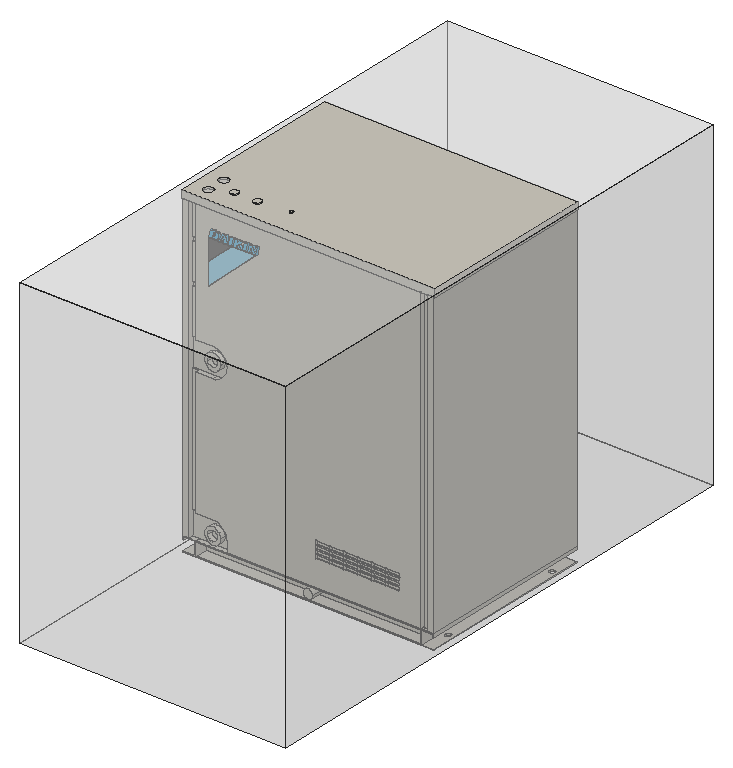
Revit family "outputfile", category 機械設備, Revit 2024
Family settings
  丸型コネクタ寸法 = 半径を使用
  種別 = なし
  パーツ タイプ = 標準
  OmniClass 番号 = 23.75.10.24.21.27.27
  OmniClass タイトル = Split System Air Conditioning Units
  作業面ベース = いいえ
  常に垂直 = はい
  ロード時にボイドで切り取り = いいえ
  注釈の向きを維持 = いいえ
  共有 = いいえ
  部屋計算ポイント = いいえ
Parameters (values of type "RWEYQ10TY14")
  製造元 = "Daikin"
  書き出し IFC クラス(タイプ) = "IfcUnitaryEquipmentType"
  定義済み IFC タイプ(タイプ) = "AIRCONDITIONINGUNIT"
  モデル = "RWEYQ10TY14"
  switch_unit1_6-8 = no
  switch_unit1_12 = no
  switch_unit1_10 = yes
  r_Water Outlet Pipe Connection_unit = Water Outlet Pipe Connection_Unit1 / 2  # 15.9 mm
  r_Water Inlet Pipe Connection_unit = Water Inlet Pipe Connection_Unit1 / 2  # 15.9 mm
  r_Drain Pipe Size = Drain Pipe Size / 2  # 6.35 mm
  lw_Water Outlet = 95.0 mm
  lw_Water Inlet = 95.0 mm
  lw_Drain = 390.0 mm
  angle_Drain [instance] = if(Rear Connection_Drain, 180.00°, 0.00°)  # 0.00°
  r_HP/LP Gas Pipe Size [instance] = [HP/LP Gas Pipe Size_Unit 1] / 2  # 11.1 mm
  lw_HP/LP Gas Pipe [instance] = if(Heat Pump, 178.0 mm, 107.0 mm)  # 178.0 mm
  ld_HP/LP Gas Pipe = 69.0 mm
  h_mountinghole = [h_***] + 2.3 mm  # 2.3 mm
  r_Liquid Pipe Size = Liquid Pipe Size_Unit 1 / 2  # 4.75 mm
  r_Gas Pipe Size = Gas Pipe Size_Unit 1 / 2  # 11.1 mm
  Water Outlet Pipe Connection_Unit1 = 31.8 mm
  Water Inlet Pipe Connection_Unit1 = 31.8 mm
  Voltage_comment_50Hz = "380-415"
  Voltage_50Hz = 400 V
  Top Connection_powersupply2 [instance] = not(Top Connection_powersupply1)  # no
  Sound Power Level (dB) = 71
  Rear Connection_Drain [instance] = not(Front Connection_Drain)  # no
  Power Input (Heating) = 5.600 kW
  Phase_50Hz = 3
  Nominal Heating Capacity = 31.500 kW
  Minimum Circuit Amps_50Hz = 13.6 A
  Maximum Fuse Amps_50Hz = 15.0 A
  Material_Heat Exchanger = DAIKIN_Blue_HE_outdoorunit
  Material_Casing = DAIKIN_IvoryWhite_Casing_outdoorunit
  lw_powersupply = 51.0 mm
  lw_liquidpipe = 274.0 mm
  lw_gaspipe [instance] = if(Heat Pump, 107.0 mm, 178.0 mm)  # 107.0 mm
  lh_powersupply = 940.0 mm
  ld_powersupply [instance] = if(Top Connection_powersupply1, 38.0 mm, 98.0 mm)  # 38.0 mm
  ld_liquidpipe = 79.0 mm
  ld_gaspipe = 69.0 mm
  h_*** = 0.0 mm
  Width = 780.0 mm
  Version = "ver.1.0"
  Unit Type = ""
  Unit Mass Weight = 147.00 kg
  Unit Designation [instance] = ""
  Uniclass2015Version = "Products v1.30"
  Uniclass2015Title = "Variable refrigerant flow units"
  Uniclass2015Code = "Pr_70_65_03_94"
  Total Cooling Capacity [instance] = 0.000 kW
  Sound Pressure Level (dBA) = 51
  Series = "VRV Heat Recovery"
  Refrigerant_Base Charge = 4.200 kg
  Refrigerant_Additional Charge [instance] = 0.000 kg
  Refrigerant Type = "R410A"
  Power Input (Cooling) = 5.430 kW
  Option Accessory 3 [instance] = ""
  Option Accessory 2 [instance] = ""
  Option Accessory 1 [instance] = ""
  Nominal Cooling Capacity = 28.000 kW
  Load Classification = HVAC
  Liquid Pipe Size_Unit 1 = 9.5 mm
  Link_Nested Family [instance] = ""
  IfcVersion = ""
  IfcExportType = "AIRCONDITIONINGUNIT"
  IfcExportAs = "IfcUnitaryEquipmentType"
  Height = 1000.0 mm
  Heat Recovery [instance] = not(Heat Pump)  # no
  Heat Pump [instance] = yes
  Heat Exchanger Type = "Stainless Steel Plate"
  HP/LP Gas Pipe Size_Unit 1 [instance] = if(and(Heat Pump, [switch_unit1_6-8]), 19.1 mm, if(and(Heat Pump, switch_unit1_10), 22.2 mm, if(and(Heat Pump, switch_unit1_12), 22.2 mm, if(and(Heat Recovery, [switch_unit1_6-8]), 15.9 mm, if(and(Heat Recovery, switch_unit1_10), 19.1 mm, if(and(Heat Recovery, switch_unit1_12), 19.1 mm, 19.1 mm))))))  # 22.2 mm
  Gas Pipe Size_Unit 1 = 22.2 mm
  Top Connection_powersupply1 [instance] = yes
  Front Connection_Drain [instance] = yes
  Frequency_50Hz = 50 Hz
  Drain Pipe Size = 12.7 mm
  Depth = 550.0 mm
  既定の高さ = 0.0 mm
  Cooling Ambient Wet Bulb Temperature [instance] = 0.00 °C
  Cooling Ambient Dry Bulb Temperature [instance] = 0.00 °C
  Compressor Type = "Hermetically Sealed Scroll Type"
  Clearance visibility [instance] = yes
  Clearance Top = 0.0 mm
  Clearance Right = 20.0 mm
  Clearance Rear = 500.0 mm
  Clearance Left = 20.0 mm
  Clearance Front = 600.0 mm
  Clearance Bottom = 0.0 mm
  CU Tag No. [instance] = ""
Reference planes
  plane 1 "Center (Front/Back)": y = 0
  plane 2 "h_***": z = 0
  plane 3 "Center (Left/Right)": x = 0
  plane 4 "Back": y = 275
  plane 5 "Front": y = -275
  plane 6 "Left": x = -390
  plane 7 "Right": x = 390
  plane 8 "Top": z = 1000
  plane 9 "Clearance Rear": y = 775
  plane 10 "Clearance Front": y = -875
  plane 11 "Clearance Left": x = -410
  plane 12 "Clearance Right": x = 410
  plane 13 "Clearance Top": z = 1000
  plane 14 "Clearance Bottom": z = 0
  plane 15 "Bottom": z = 0
  plane 16 "lw_powersupply": x = -339
  plane 17 "ld_powersupply": y = -237
  plane 18 "lw_liquidpipe": x = -116
  plane 19 "Rear Connection_refrigetant": y = -196
  plane 20 "lw_gaspipe": x = -283
  plane 21 "ld_gaspipe": y = -206
  plane 22 "lh_logo": z = 900
  plane 23 "lw_logo": x = 100
  plane 24 "lh_powersupply": z = 940
  plane 25 "lw_HP/LP Gas Pipe": x = -212
  plane 26 "ld_HP/LP Gas Pipe": y = -206
  plane 27 "lw_powersupply6": x = -295
  plane 28 "lw_powersupply7": x = -295
  plane 29 "lw_powersupply8": x = 0
Dimensions and locks
  equal spacing: plane 4 "Back", plane 1 "Center (Front/Back)", plane 5 "Front"
  "Depth": plane 4 "Back" to plane 5 "Front"
  equal spacing: plane 6 "Left", plane 3 "Center (Left/Right)", plane 7 "Right"
  "Width": plane 6 "Left" to plane 7 "Right"
  "Clearance Rear": plane 9 "Clearance Rear" to plane 4 "Back"
  "Clearance Front": plane 10 "Clearance Front" to plane 5 "Front"
  "Clearance Left": plane 11 "Clearance Left" to plane 6 "Left"
  "Clearance Right": plane 7 "Right" to plane 12 "Clearance Right"
  "Clearance Top": plane 13 "Clearance Top" to plane 8 "Top"
  "h_***": plane 15 "Bottom" to plane 2 "h_***"
  "Height": plane 8 "Top" to plane 15 "Bottom"
  "Clearance Bottom": plane 15 "Bottom" to plane 14 "Clearance Bottom"
  "ld_powersupply": plane 17 "ld_powersupply" to plane 5 "Front"
  "ld_liquidpipe": plane 19 "Rear Connection_refrigetant" to plane 5 "Front"
  "ld_gaspipe": plane 21 "ld_gaspipe" to plane 5 "Front"
  locked: plane 23 "lw_logo" to plane 7 "Right" at 290
  locked: plane 22 "lh_logo" to plane 15 "Bottom" at 900
  "lw_gaspipe": plane 6 "Left" to plane 20 "lw_gaspipe"
  "lw_liquidpipe": plane 6 "Left" to plane 18 "lw_liquidpipe"
  "lw_powersupply": plane 6 "Left" to plane 16 "lw_powersupply"
  "lh_powersupply": plane 24 "lh_powersupply" to plane 15 "Bottom"
  "lw_HP/LP Gas Pipe": plane 6 "Left" to plane 25 "lw_HP/LP Gas Pipe"
  "ld_HP/LP Gas Pipe": plane 26 "ld_HP/LP Gas Pipe" to plane 5 "Front"
  "lw_Water Inlet": plane 6 "Left" to plane 27 "lw_powersupply6"
  "lw_Water Outlet": plane 6 "Left" to plane 28 "lw_powersupply7"
  "lw_Drain": plane 6 "Left" to plane 29 "lw_powersupply8"
  aligned and locked: level to plane 2 "h_***"
  aligned and locked: plane 9 "Clearance Rear" to nested 2
  aligned and locked: nested 2 to plane 10 "Clearance Front"
  aligned and locked: plane 11 "Clearance Left" to nested 2
  aligned and locked: plane 12 "Clearance Right" to nested 2
  aligned and locked: plane 13 "Clearance Top" to nested 2
  aligned and locked: plane 14 "Clearance Bottom" to nested 2
  aligned and locked: plane 8 "Top" to nested 1
  aligned and locked: plane 22 "lh_logo" to nested 7
  aligned and locked: nested 8 to plane 16 "lw_powersupply"
  aligned and locked: nested 9 to plane 20 "lw_gaspipe"
  aligned and locked: nested 10 to plane 18 "lw_liquidpipe"
  aligned and locked: nested 10 to plane 19 "Rear Connection_refrigetant"
  aligned and locked: nested 9 to plane 21 "ld_gaspipe"
  aligned and locked: nested 8 to plane 17 "ld_powersupply"
  aligned and locked: plane 5 "Front" to nested 7
  aligned and locked: plane 24 "lh_powersupply" to nested 8
  aligned and locked: plane 1 "Center (Front/Back)" to nested 11
  aligned and locked: plane 1 "Center (Front/Back)" to nested 12
  aligned and locked: plane 1 "Center (Front/Back)" to nested 13
  aligned and locked: plane 27 "lw_powersupply6" to nested 11
  aligned and locked: plane 28 "lw_powersupply7" to nested 12
  aligned and locked: plane 29 "lw_powersupply8" to nested 13
  aligned and locked: plane 25 "lw_HP/LP Gas Pipe" to nested 14
  aligned and locked: nested 14 to plane 26 "ld_HP/LP Gas Pipe"
Nested families
  nested 1: "DAIKIN_outdoorunit_RWEYQ-TY14" at (-31, 0, 0), h_*** <- "h_***", Link_Nest <- "Link_Nested Family", h_mountinghole <- "h_mountinghole", Width <- "Width", type "RWEYQ-TY14"
    with show_fixedhole yes, h_mountinghole 2.3 mm, h_antenna_mountinghole 998.7 mm, h_*** 0.0 mm, array_bolt 5, Width 780.0 mm, Link_Nest "", switch_unit1_6-8 no, switch_unit1_10 yes, HP/LP Pipe Size_Unit 1 22.2 mm, Gas Pipe Size_Unit 1 22.2 mm
  nested 2: "daikin_clearancespace" at (0, -50, 500.119), visible <- "Clearance visibility", show <- "Clearance visibility", Link_Nested Family <- "Link_Nested Family", type "daikin_clearancespace"
    with width 820.0 mm, show yes, height 1000.0 mm, depth 1650.0 mm, Link_Nested Family ""
  nested 3: "daikin_mountinghole" at (-372, 200, 0), type "daikin_mountinghole"
    with show yes, l_antenna 998.7 mm, h_mountinghole 2.3 mm, Link_Nested Family ""
  nested 4: "daikin_mountinghole" at (372, 200, 0), type "daikin_mountinghole"
    with show yes, l_antenna 998.7 mm, h_mountinghole 2.3 mm, Link_Nested Family ""
  nested 5: "daikin_mountinghole" at (-372, -200, 0), type "daikin_mountinghole"
    with show yes, l_antenna 998.7 mm, h_mountinghole 2.3 mm, Link_Nested Family ""
  nested 6: "daikin_mountinghole" at (372, -200, 0), type "daikin_mountinghole"
    with show yes, l_antenna 998.7 mm, h_mountinghole 2.3 mm, Link_Nested Family ""
  nested 7: "daikin_logo_elevation_w150" at (-212.5, -275, 744.568), type "daikin_logo_elevation_w150"
    with show_logo yes
  nested 8: "daikin_connector_rotate3" at (-339, -237, 940) x (-1, 0, 0) z (0, 0, -1), type "daikin_connector_rotate3"
    with show no, radius 10.0 mm, length 60.0 mm, angle_vertical 0.00°, angle_horizontal 0.00°
  nested 9: "daikin_connector_rotate3" at (-283, -206, 940) x (-1, 0, 0) z (0, 0, -1), radius <- "r_Gas Pipe Size", type "daikin_connector_rotate3"
    with show no, radius 11.1 mm, length 60.0 mm, angle_vertical 0.00°, angle_horizontal 0.00°
  nested 10: "daikin_connector_rotate3" at (-116, -196, 940) x (-1, 0, 0) z (0, 0, -1), radius <- "r_Liquid Pipe Size", type "daikin_connector_rotate3"
    with show no, radius 4.75 mm, length 60.0 mm, angle_vertical 0.00°, angle_horizontal 0.00°
  nested 11: "daikin_connector_rotate3" at (-295, 0, 76), radius <- "r_Water Inlet Pipe Connection_unit", type "daikin_connector_rotate3"
    with show no, radius 15.9 mm, length 275.0 mm, angle_vertical 90.00°, angle_horizontal 0.00°
  nested 12: "daikin_connector_rotate3" at (-295, 0, 556), radius <- "r_Water Outlet Pipe Connection_unit", type "daikin_connector_rotate3"
    with show no, radius 15.9 mm, length 275.0 mm, angle_vertical 90.00°, angle_horizontal 0.00°
  nested 13: "daikin_connector_rotate3" at (0, 0, 19), angle_horizontal <- "angle_Drain", radius <- "r_Drain Pipe Size", type "daikin_connector_rotate3"
    with show no, radius 6.35 mm, length 275.0 mm, angle_vertical 90.00°, angle_horizontal 0.00°
  nested 14: "daikin_connector_rotate3" at (-212, -206, 940) x (1, 0, 0) z (0, 0, -1), radius <- "r_HP/LP Gas Pipe Size", type "daikin_connector_rotate3"
    with show no, radius 11.1 mm, length 60.0 mm, angle_vertical 0.00°, angle_horizontal 0.00°
Connectors
  piping at (-116, -196, 1000), diameter 9.5, driven by "r_Liquid Pipe Size"
    settings: on nested 10, index 12, connector inside diameter 609.6 mm, connector length 0.0 mm, flow factor 0, pipe flow 0.00 m³/h, pressure drop 0.0 Pa, fitting loss kfactor 0, connector angle 0.00°, fixture units 0, engagement length 0.0 mm, angle of deflection 0.00°, flow configuration 0, flow direction 2, fitting loss method 0, system type 29, joint type 0, gender type 0, connector reference index -1, connector utility 0, adjustable connector no, is connector primary no, connector description "Refrigerant Liquid Piping"
  electrical at (-339, -237, 1000), driven by "Load Classification"
    settings: on nested 8, index 13, voltage 0 V, apparent load 0 VA, apparent load phase1 0 VA, apparent load phase2 0 VA, apparent load phase3 0 VA, power factor 1, load classification "HVAC", number of poles 1, system type 30, power factor state 1, is connector primary yes, connector utility no, sub classification motor no, connector description "Power Supply"
  piping at (-295, -275, 556), diameter 31.8, driven by "r_Water Outlet Pipe Connection_unit"
    settings: on nested 12, index 15, connector inside diameter 609.6 mm, connector length 0.0 mm, flow factor 0, pipe flow 0.00 m³/h, pressure drop 0.0 Pa, fitting loss kfactor 0, connector angle 0.00°, fixture units 0, engagement length 0.0 mm, angle of deflection 0.00°, flow configuration 1, flow direction 2, fitting loss method 0, system type 8, joint type 0, gender type 0, connector reference index -1, connector utility 0, adjustable connector no, is connector primary no, connector description "Cooling Water Outlet Piping"
  piping at (-295, -275, 76), diameter 31.8, driven by "r_Water Inlet Pipe Connection_unit"
    settings: on nested 11, index 16, connector inside diameter 609.6 mm, connector length 0.0 mm, flow factor 0, pipe flow 0.00 m³/h, pressure drop 0.0 Pa, fitting loss kfactor 0, connector angle 0.00°, fixture units 0, engagement length 0.0 mm, angle of deflection 0.00°, flow configuration 1, flow direction 1, fitting loss method 0, system type 7, joint type 0, gender type 0, connector reference index -1, connector utility 0, adjustable connector no, is connector primary no, connector description "Cooling Water Inlet  Piping"
  piping at (0, -275, 19), diameter 12.7, driven by "r_Drain Pipe Size"
    settings: on nested 13, index 17, connector inside diameter 609.6 mm, connector length 0.0 mm, flow factor 0, pipe flow 0.00 m³/h, pressure drop 0.0 Pa, fitting loss kfactor 0, connector angle 0.00°, fixture units 0, engagement length 0.0 mm, angle of deflection 0.00°, flow configuration 1, flow direction 2, fitting loss method 4, system type 16, joint type 0, gender type 0, connector reference index -1, connector utility 0, adjustable connector no, is connector primary no, connector description "Condensate Drain Piping"
  piping at (-212, -206, 1000), diameter 22.2, driven by "r_HP/LP Gas Pipe Size"
    settings: on nested 14, index 19, connector inside diameter 609.6 mm, connector length 0.0 mm, flow factor 0, pipe flow 0.00 m³/h, pressure drop 0.0 Pa, fitting loss kfactor 0, connector angle 0.00°, fixture units 0, engagement length 0.0 mm, angle of deflection 0.00°, flow configuration 0, flow direction 0, fitting loss method 0, system type 29, joint type 0, gender type 0, connector reference index -1, connector utility 0, adjustable connector no, is connector primary no, connector description "Refrigerant HP/LP Gas Piping"
  piping at (-283, -206, 1000), diameter 22.2, driven by "r_Gas Pipe Size"
    settings: on nested 9, index 20, connector inside diameter 609.6 mm, connector length 0.0 mm, flow factor 0, pipe flow 0.00 m³/h, pressure drop 0.0 Pa, fitting loss kfactor 0, connector angle 0.00°, fixture units 0, engagement length 0.0 mm, angle of deflection 0.00°, flow configuration 0, flow direction 1, fitting loss method 0, system type 29, joint type 0, gender type 0, connector reference index -1, connector utility 0, adjustable connector no, is connector primary yes, connector description "Refrigerant Gas Piping"
Definition of nested family "DAIKIN_outdoorunit_RWEYQ-TY14"
  Parameters (values of type "RWEYQ-TY14")
    w_wiremesh_right = 668.0 mm  # constant formula
    w_wiremesh_left = 590.0 mm  # constant formula
    w_wiremesh_front = 248.0 mm  # constant formula
    switch_unit1_6-8 = yes
    switch_unit1_12 = no
    switch_unit1_10 = no
    show_fixedhole [instance] = yes
    material_heatexchanger = none
    material_casing = none
    ld_hole1_bottom = 154.0 mm  # constant formula
    h_wiremesh = 900.0 mm  # constant formula
    h_mountinghole [instance] = 2.3 mm
    h_antenna_mountinghole [instance] = Height + 1.0 mm - 2.3 mm  # 998.7 mm
    h_*** [instance] = 0.0 mm
    array_bolt [instance] = 5
    Width [instance] = 780.0 mm
    Liquid Pipe Size_Unit 1 = if([switch_unit1_6-8], 9.5 mm, if(switch_unit1_10, 9.5 mm, if(switch_unit1_12, 12.7 mm, 9.5 mm)))  # 9.5 mm
    Link_Nest [instance] = ""
    Height = 1000.0 mm
    Heat Recovery = not(Heat Pump)  # no
    Heat Pump = yes
    HP/LP Pipe Size_Unit 1_L = if(Heat Pump, 178.0 mm, 107.0 mm)  # 178.0 mm
    HP/LP Pipe Size_Unit 1 = if(Heat Recovery, if([switch_unit1_6-8], 15.9 mm, if(switch_unit1_10, 19.1 mm, if(switch_unit1_12, 19.1 mm, 15.9 mm))), if([switch_unit1_6-8], 19.1 mm, if(switch_unit1_10, 22.2 mm, if(switch_unit1_12, 22.2 mm, 19.1 mm))))  # 19.1 mm
    Gas Pipe Size_Unit 1_L = if(Heat Pump, 107.0 mm, 178.0 mm)  # 107.0 mm
    Gas Pipe Size_Unit 1_H = 60.0 mm  # constant formula
    Gas Pipe Size_Unit 1 = if([switch_unit1_6-8], 19.1 mm, if(switch_unit1_10, 22.2 mm, if(switch_unit1_12, 22.2 mm, 19.1 mm)))  # 19.1 mm
    Depth = 550.0 mm
    Default Elevation = 0.0 mm
  Reference planes
    plane 1 "Center (Front/Back)": y = 0
    plane 2 "reference_level": z = 0
    plane 3 "Center (Left/Right)": x = 31
    plane 4 "Bottom": z = 0
    plane 5: x = 421
    plane 6: x = -359
    plane 7 "Back": y = 275
    plane 8 "Front": y = -275
    plane 9: z = 1000
    plane 10: z = 976
    plane 11: y = -255
    plane 12: y = 255
    plane 13: x = -337
    plane 14: x = 399
    plane 15: x = -341
    plane 16: z = 45
    plane 17: x = 403
    plane 18: y = 200
    plane 19: y = -200
    plane 20: z = 1060
    plane 21: z = 19
    plane 22: z = 1000
    plane 23: z = 940
  Forms (mm)
    Extrusion 1, solid, material <- "material_heatexchanger"
      sketch origin (0, 0, 0) x (1, 0, 0) y (0, 1, 0)
        loop
          line (-337, 255) -> (-337, -255) -> (399, -255) -> (399, 255) -> (-337, 255)
      from 54 to 976
    Extrusion 2, void
      sketch origin (0, 350, 0) x (1, 0, 0) y (0, 1, 0)
        loop
          circle (-341, -150) r 8.5
        loop
          circle (403, -150) r 8.5
        loop
          circle (403, -550) r 8.5
        loop
          circle (-341, -550) r 8.5
      from 0 to 29.064
    Extrusion 3, solid, material <- "material_casing"
      sketch origin (620, -305, 0) x (-1, 0, 0) y (0, 0, 1)
        loop
          line (204.3, 35.061) -> (204.3, 42.7) -> (239.7, 42.7) -> (239.7, 2.3) -> (201, 2.3) -> (201, 0) -> (242, 0) -> (242, 45) -> (201, 45) -> (201, 35.061) -> (204.3, 35.061)
        loop
          line (973.7, 35.061) -> (977, 35.061) -> (977, 45) -> (936, 45) -> (936, 0) -> (977, 0) -> (977, 2.3) -> (938.3, 2.3) -> (938.3, 42.7) -> (973.7, 42.7) -> (973.7, 35.061)
      from 30 to 580
    Extrusion 4, solid, material <- "material_casing"
      sketch origin (31, 0, 0) x (0, 1, 0) y (0, 0, 1)
        loop
          line (-275, 45) -> (-275, 42.7) -> (-236.3, 42.7) -> (-236.3, 2.3) -> (-275, 2.3) -> (-275, 0) -> (-234, 0) -> (-234, 45) -> (-275, 45)
        loop
          line (275, 45) -> (234, 45) -> (234, 0) -> (275, 0) -> (275, 2.3) -> (236.3, 2.3) -> (236.3, 42.7) -> (275, 42.7) -> (275, 45)
      from -347 to 347
    Extrusion 5, solid, material <- "material_casing"
      sketch origin (0, 0, 0) x (1, 0, 0) y (0, 1, 0)
        loop
          circle (-85, -196) r 4.75
        loop
          circle (-181, -206) r 9.55
      from 940 to 1000
    Extrusion 6, solid, material <- "material_casing"
      sketch origin (-663.497, -190, 1200) x (-1, 0, 0) y (0, 0, 1)
        loop
          circle (-694.497, -1181) r 14
      from -85 to -46.3
    Extrusion 7, solid, material <- "material_casing"
      sketch origin (-663.497, 321.3, 1200) x (-1, 0, 0) y (0, 0, 1)
        loop
          circle (-694.497, -1181) r 14
      from -85 to -46.3
    Extrusion 8, solid, material <- "material_casing"
      sketch origin (0, -500, 0) x (1, 0, 0) y (0, 1, 0)
        loop
          circle (-252, 294) r 9.55
      from 940 to 1000
  Cuts and joins
    Extrusion 2 cuts Extrusion 3
  Dimensions and locks
    equal spacing: plane 6, plane 3 "Center (Left/Right)", plane 5
    "Width": plane 6 to plane 5
    locked: plane 9 to plane 10 at 24
    "Depth": plane 8 "Front" to plane 7 "Back"
    equal spacing: plane 7 "Back", plane 1 "Center (Front/Back)", plane 8 "Front"
    locked: plane 12 to plane 7 "Back" at 20
    locked: plane 11 to plane 8 "Front" at 20
    locked: plane 6 to plane 13 at 22
    locked: plane 14 to plane 5 at 22
    locked: plane 6 to plane 15 at 18
    "h_***": plane 4 "Bottom" to plane 2 "reference_level"
    locked: plane 16 to plane 4 "Bottom" at 45
    "Height": plane 9 to plane 4 "Bottom"
    locked: plane 5 to Extrusion 3 sketch curve at 2  (x2)
    locked: Extrusion 3 sketch curve to Extrusion 3 sketch curve at 41  (x2)
    locked: Extrusion 3 sketch curve to Extrusion 3 sketch curve at 3.3  (x2)
    locked: Extrusion 3 sketch curve to plane 6 at 2  (x2)
    locked: plane 8 "Front" to Extrusion 4 sketch curve at 41
    locked: Extrusion 4 sketch curve to plane 7 "Back" at 41
    locked: plane 17 to plane 5 at 18
    plane 19 to plane 8 "Front" = 75.0 mm
    locked: plane 18 to plane 7 "Back" at 75
    locked: Extrusion 5 sketch curve to plane 8 "Front" at 79
    locked: plane 6 to Extrusion 5 sketch curve at 274
    "HP/LP Pipe Size_Unit 1_L": plane 6 to Extrusion 5 sketch curve
    locked: Extrusion 5 sketch curve to plane 8 "Front" at 69
    locked: plane 20 to plane 9 at 60
    locked: plane 21 to plane 4 "Bottom" at 19
    "Gas Pipe Size_Unit 1_L": plane 6 to Extrusion 8 sketch curve
    locked: Extrusion 8 sketch curve to plane 8 "Front" at 69
    "Gas Pipe Size_Unit 1_H": plane 20 to plane 22
    plane 22 to plane 23 = 60.0 mm
    "HP/LP Pipe Size_Unit 1": diameter of Extrusion 5 sketch curve
    "Liquid Pipe Size_Unit 1": diameter of Extrusion 5 sketch curve
    "Gas Pipe Size_Unit 1": diameter of Extrusion 8 sketch curve
    aligned and locked: level to plane 2 "reference_level"
    aligned and locked: plane 12 to Extrusion 1 sketch curve
    aligned and locked: plane 11 to Extrusion 1 sketch curve
    aligned and locked: plane 13 to Extrusion 1 sketch curve
    aligned and locked: plane 14 to Extrusion 1 sketch curve
    aligned and locked: plane 10 to Extrusion 1
    aligned and locked: plane 11 to nested 1
    aligned and locked: plane 10 to nested 4
    aligned and locked: nested 5 to plane 9
    aligned and locked: plane 10 to nested 3
    aligned and locked: plane 10 to nested 2
    aligned and locked: plane 13 to nested 4
    aligned and locked: plane 14 to nested 2
    aligned and locked: plane 12 to nested 3
    aligned and locked: plane 15 to nested 7
    aligned and locked: plane 15 to nested 9
    aligned and locked: plane 8 "Front" to nested 5
    aligned and locked: plane 6 to nested 5
    aligned and locked: plane 10 to nested 1
    aligned and locked: plane 13 to nested 1
    aligned and locked: nested 2 to plane 1 "Center (Front/Back)"
    aligned and locked: nested 3 to plane 3 "Center (Left/Right)"
    aligned and locked: plane 1 "Center (Front/Back)" to nested 4
    aligned and locked: nested 6 to plane 3 "Center (Left/Right)"
    aligned and locked: plane 1 "Center (Front/Back)" to nested 6
    aligned and locked: plane 16 to Extrusion 3 sketch curve
    aligned and locked: Extrusion 3 sketch curve to plane 4 "Bottom"
    aligned and locked: Extrusion 3 sketch curve to plane 16
    aligned and locked: plane 4 "Bottom" to Extrusion 3 sketch curve
    aligned and locked: Extrusion 3 to plane 7 "Back"
    aligned and locked: Extrusion 3 to plane 8 "Front"
    aligned and locked: plane 8 "Front" to Extrusion 4 sketch curve  (x2)
    aligned and locked: plane 4 "Bottom" to Extrusion 4 sketch curve
    aligned and locked: Extrusion 4 sketch curve to plane 16
    aligned and locked: Extrusion 4 sketch curve to plane 7 "Back"  (x2)
    aligned and locked: plane 18 to Extrusion 2 sketch curve  (x2)
    aligned and locked: plane 15 to Extrusion 2 sketch curve  (x2)
    aligned and locked: plane 17 to Extrusion 2 sketch curve  (x2)
    aligned and locked: plane 17 to nested 8
    aligned and locked: plane 18 to nested 8
    aligned and locked: plane 18 to nested 7
    aligned and locked: nested 7 to plane 15
    aligned and locked: nested 9 to plane 19
    aligned and locked: nested 9 to plane 15
    aligned and locked: nested 10 to plane 19
    aligned and locked: plane 17 to nested 10
    aligned and locked: plane 19 to Extrusion 2 sketch curve  (x2)
    aligned and locked: plane 21 to Extrusion 6 sketch curve
    aligned and locked: plane 3 "Center (Left/Right)" to Extrusion 6 sketch curve
    aligned and locked: plane 22 to Extrusion 8
    aligned and locked: Extrusion 8 to plane 23
    aligned and locked: Extrusion 5 to plane 23
    aligned and locked: Extrusion 5 to plane 22
  Automatic sketch dimensions
    Extrusion 3 sketch curve to Extrusion 3 sketch curve = 2.3 mm  (x2)
    level to Extrusion 3 sketch curve = 2.3 mm  (x2)
    Extrusion 3 sketch curve to plane 16 = 9.939 mm  (x2)
    Extrusion 3 sketch curve to plane 16 = 2.3 mm  (x2)
    Extrusion 4 sketch curve to level = 0.0 mm
    Extrusion 4 sketch curve to plane 16 = 0.0 mm
    Extrusion 4 sketch curve to Extrusion 4 sketch curve = 2.3 mm  (x2)
    level to Extrusion 4 sketch curve = 2.3 mm  (x2)
    Extrusion 4 sketch curve to plane 16 = 2.3 mm  (x2)
    Extrusion 7 sketch curve to plane 3 "Center (Left/Right)" = 0.0 mm
    Extrusion 7 sketch curve to plane 21 = 0.0 mm
    radius of Extrusion 2 sketch curve = 8.5 mm  (x4)
    radius of Extrusion 6 sketch curve = 14.0 mm
    radius of Extrusion 7 sketch curve = 14.0 mm
  Nested families
    nested 1: "outdoorunit_frontpanel" at (-337, -265, 45), material <- "material_casing", type "frontpanel1"
      with material none
    nested 2: "outdoorunit_rightpanel1" at (409, -275, 45) x (0, 1, 0) z (0, 0, 1), material <- "material_casing", type "frontpanel1"
      with material none
    nested 3: "outdoorunit_backpanel" at (399, 265, 45) x (-1, 0, 0) z (0, 0, 1), material <- "material_casing", type "frontpanel1"
      with material none
    nested 4: "outdoorunit_leftpanel" at (-347, 275, 45) x (0, -1, 0) z (0, 0, 1), material <- "material_casing", type "frontpanel1"
      with material none
    nested 5: "outdoorunit_uppanel" at (-359, -275, 988) x (1, 0, 0) z (0, 1, 0), material <- "material_casing", type "frontpanel1"
      with material none
    nested 6: "outdoorunit_downpanel" at (399, 255, 56) x (-1, 0, 0) z (0, -1, 0), material <- "material_casing", type "frontpanel1"
      with material none
    nested 7: "daikin_mountinghole" at (-341, 200, 0), visible <- "show_fixedhole", Link_Nested Family <- "Link_Nest", l_antenna <- "h_antenna_mountinghole", h_mountinghole <- "h_mountinghole", type "daikin_mountinghole"
      with show yes, l_antenna 998.7 mm, h_mountinghole 2.3 mm, Link_Nested Family ""
    nested 8: "daikin_mountinghole" at (403, 200, 0), visible <- "show_fixedhole", Link_Nested Family <- "Link_Nest", l_antenna <- "h_antenna_mountinghole", h_mountinghole <- "h_mountinghole", type "daikin_mountinghole"
      with show yes, l_antenna 998.7 mm, h_mountinghole 2.3 mm, Link_Nested Family ""
    nested 9: "daikin_mountinghole" at (-341, -200, 0), visible <- "show_fixedhole", Link_Nested Family <- "Link_Nest", l_antenna <- "h_antenna_mountinghole", h_mountinghole <- "h_mountinghole", type "daikin_mountinghole"
      with show yes, l_antenna 998.7 mm, h_mountinghole 2.3 mm, Link_Nested Family ""
    nested 10: "daikin_mountinghole" at (403, -200, 0), visible <- "show_fixedhole", Link_Nested Family <- "Link_Nest", l_antenna <- "h_antenna_mountinghole", h_mountinghole <- "h_mountinghole", type "daikin_mountinghole"
      with show yes, l_antenna 998.7 mm, h_mountinghole 2.3 mm, Link_Nested Family ""
  Definition of nested family "outdoorunit_frontpanel"
    Parameters (values of type "frontpanel1")
      width = 736.0 mm
      material [instance] = none
      height1 = 931.0 mm
      depth = 20.0 mm
      Default Elevation = 0.0 mm
    Reference planes
      plane 1 "Center (Front/Back)": y = 0
      plane 2 "Bottom": z = 0
      plane 3: x = 0
      plane 4 "Back": y = 10
      plane 5 "Front": y = -10
      plane 6: x = 736
      plane 7 "Top": z = 931
      plane 8 "Left": x = 0
      plane 9 "Center L/S": y = 5
      plane 10 "Center L/T": y = -5
    Forms (mm)
      Extrusion 1, solid, material <- "material"
        sketch origin (0, 0, 0) x (1, 0, 0) y (0, 1, 0)
          loop
            line (0, 10) -> (0, -10) -> (736, -10) -> (736, 10) -> (0, 10)
        from 0 to 931
      Extrusion 2, void
        sketch origin (0, 0, 0) x (1, 0, 0) y (0, 0, 1)
          loop
            line (0, 931) -> (0, 0) -> (21, 0) -> (21, 931) -> (0, 931)
          loop
            line (736, 931) -> (715, 931) -> (715, 0) -> (736, 0) -> (736, 931)
        from 0 to 250
      Extrusion 3, void
        sketch origin (0, 0, 0) x (1, 0, 0) y (0, 0, 1)
          loop
            line (2, 931) -> (-33, 931) -> (-33, -14) -> (118, -14) -> (118, 31)
            arc (118, 31) -> (104.82, 62.82) -> (73, 76) r 45
            line (73, 76) -> (2, 76) -> (2, 466) -> (73, 466)
            arc (73, 466) -> (118, 511) -> (73, 556) r 45
            line (73, 556) -> (2, 556) -> (2, 692) -> (10.5, 692)
            arc (10.5, 692) -> (18, 699.5) -> (10.5, 707) r 7.5
            line (10.5, 707) -> (2, 707) -> (2, 817) -> (10.5, 817)
            arc (10.5, 817) -> (18, 824.5) -> (10.5, 832) r 7.5
            line (10.5, 832) -> (2, 832) -> (2, 931)
        from -5 to 250
      Extrusion 4, void
        sketch origin (0, 0, 0) x (1, 0, 0) y (0, 0, 1)
          loop
            line (734, 931) -> (734, 0) -> (972.161, 0) -> (972.161, 931) -> (734, 931)
        from -5 to 250
      Extrusion 5, solid, material <- "material"
        sketch origin (0, 0, 0) x (1, 0, 0) y (0, 0, 1)
          loop
            circle (73, 511) r 25
          loop
            circle (73, 511) r 15.5
          loop
            circle (73, 31) r 25
          loop
            circle (73, 31) r 15.5
        from -5 to 10
      Extrusion 6, void
        sketch origin (0, 0, 0) x (1, 0, 0) y (0, 0, 1)
          loop
            line (390.8, 131) -> (390.8, 118.75) -> (433.5, 118.75) -> (433.5, 131) -> (390.8, 131)
          loop
            line (390.8, 80) -> (433.5, 80) -> (433.5, 92.25) -> (390.8, 92.25) -> (390.8, 80)
          loop
            line (390.8, 117.75) -> (390.8, 106) -> (433.5, 106) -> (433.5, 117.75) -> (390.8, 117.75)
          loop
            line (390.8, 105) -> (390.8, 93.25) -> (433.5, 93.25) -> (433.5, 105) -> (390.8, 105)
          loop
            line (476.7, 131) -> (434.5, 131) -> (434.5, 118.75) -> (476.7, 118.75) -> (476.7, 131)
          loop
            line (434.5, 80) -> (476.7, 80) -> (476.7, 92.25) -> (434.5, 92.25) -> (434.5, 80)
          loop
            line (434.5, 117.75) -> (434.5, 106) -> (476.7, 106) -> (476.7, 117.75) -> (434.5, 117.75)
          loop
            line (434.5, 105) -> (434.5, 93.25) -> (476.7, 93.25) -> (476.7, 105) -> (434.5, 105)
          loop
            line (519.9, 131) -> (477.7, 131) -> (477.7, 118.75) -> (519.9, 118.75) -> (519.9, 131)
          loop
            line (477.7, 80) -> (519.9, 80) -> (519.9, 92.25) -> (477.7, 92.25) -> (477.7, 80)
          loop
            line (477.7, 117.75) -> (477.7, 106) -> (519.9, 106) -> (519.9, 117.75) -> (477.7, 117.75)
          loop
            line (477.7, 105) -> (477.7, 93.25) -> (519.9, 93.25) -> (519.9, 105) -> (477.7, 105)
          loop
            line (563.1, 131) -> (520.9, 131) -> (520.9, 118.75) -> (563.1, 118.75) -> (563.1, 131)
          loop
            line (520.9, 80) -> (563.1, 80) -> (563.1, 92.25) -> (520.9, 92.25) -> (520.9, 80)
          loop
            line (520.9, 117.75) -> (520.9, 106) -> (563.1, 106) -> (563.1, 117.75) -> (520.9, 117.75)
          loop
            line (520.9, 105) -> (520.9, 93.25) -> (563.1, 93.25) -> (563.1, 105) -> (520.9, 105)
          loop
            line (606.3, 131) -> (564.1, 131) -> (564.1, 118.75) -> (606.3, 118.75) -> (606.3, 131)
          loop
            line (564.1, 80) -> (606.3, 80) -> (606.3, 92.25) -> (564.1, 92.25) -> (564.1, 80)
          loop
            line (564.1, 117.75) -> (564.1, 106) -> (606.3, 106) -> (606.3, 117.75) -> (564.1, 117.75)
          loop
            line (564.1, 105) -> (564.1, 93.25) -> (606.3, 93.25) -> (606.3, 105) -> (564.1, 105)
          loop
            line (650, 131) -> (607.3, 131) -> (607.3, 118.75) -> (650, 118.75) -> (650, 131)
          loop
            line (607.3, 80) -> (650, 80) -> (650, 92.25) -> (607.3, 92.25) -> (607.3, 80)
          loop
            line (607.3, 117.75) -> (607.3, 106) -> (650, 106) -> (650, 117.75) -> (607.3, 117.75)
          loop
            line (607.3, 105) -> (607.3, 93.25) -> (650, 93.25) -> (650, 105) -> (607.3, 105)
        from 5 to 250
    Cuts and joins
      Extrusion 2, Extrusion 3, Extrusion 4, Extrusion 6 cuts Extrusion 1
    Dimensions and locks
      equal spacing: plane 4 "Back", plane 1 "Center (Front/Back)", plane 5 "Front"
      "depth": plane 4 "Back" to plane 5 "Front"
      "width": plane 8 "Left" to plane 6
      "height1": plane 7 "Top" to plane 2 "Bottom"
      locked: plane 8 "Left" to Extrusion 2 sketch curve at 21
      locked: Extrusion 2 sketch curve to plane 6 at 21
      locked: plane 9 "Center L/S" to plane 1 "Center (Front/Back)" at 5
      locked: Extrusion 3 sketch curve to Extrusion 3 sketch curve at 15  (x2)
      locked: plane 7 "Top" to Extrusion 3 sketch curve at 99
      locked: Extrusion 3 sketch curve to plane 8 "Left" at 10.5
      locked: Extrusion 3 sketch curve to Extrusion 3 sketch curve at 125
      locked: Extrusion 3 sketch curve to Extrusion 3 sketch curve at 90  (x2)
      locked: Extrusion 3 sketch curve to plane 8 "Left" at 73
      locked: Extrusion 3 sketch curve to Extrusion 3 sketch curve at 136
      locked: Extrusion 3 sketch curve to plane 2 "Bottom" at 76
      locked: Extrusion 3 sketch curve to Extrusion 3 sketch curve at 390
      locked: plane 6 to Extrusion 4 sketch curve at 2
      locked: plane 10 "Center L/T" to plane 1 "Center (Front/Back)" at 5
      aligned and locked: level to plane 2 "Bottom"
      aligned and locked: plane 8 "Left" to Extrusion 1 sketch curve
      aligned and locked: Extrusion 1 sketch curve to plane 4 "Back"
      aligned and locked: plane 5 "Front" to Extrusion 1 sketch curve
      aligned and locked: Extrusion 1 to plane 2 "Bottom"
      aligned and locked: plane 7 "Top" to Extrusion 1
      aligned and locked: plane 3 to plane 8 "Left"
      aligned and locked: plane 8 "Left" to Extrusion 2 sketch curve
      aligned and locked: Extrusion 2 sketch curve to plane 7 "Top"
      aligned and locked: plane 2 "Bottom" to Extrusion 2 sketch curve
      aligned and locked: Extrusion 2 sketch curve to plane 2 "Bottom"
      aligned and locked: plane 6 to Extrusion 2 sketch curve
      aligned and locked: plane 7 "Top" to Extrusion 2 sketch curve
      aligned and locked: Extrusion 2 to plane 1 "Center (Front/Back)"
      aligned and locked: plane 9 "Center L/S" to Extrusion 3
      aligned and locked: Extrusion 4 sketch curve to plane 7 "Top"
      aligned and locked: plane 2 "Bottom" to Extrusion 4 sketch curve
      aligned and locked: Extrusion 4 to plane 9 "Center L/S"
      aligned and locked: Extrusion 5 to plane 5 "Front"
      aligned and locked: plane 9 "Center L/S" to Extrusion 5
      aligned and locked: Extrusion 6 to plane 10 "Center L/T"
    Automatic sketch dimensions
      Extrusion 1 sketch curve to plane 6 = 0.0 mm
      Extrusion 3 sketch curve to plane 7 "Top" = 0.0 mm
      plane 3 to Extrusion 3 sketch curve = 2.0 mm  (x4)
      plane 3 to Extrusion 3 sketch curve = 10.5 mm
      Extrusion 3 sketch curve to Extrusion 3 sketch curve = 71.0 mm
      level to Extrusion 3 sketch curve = 31.0 mm
      Extrusion 3 sketch curve to plane 3 = 33.0 mm
      plane 6 to Extrusion 4 sketch curve = 236.161 mm
      Extrusion 5 sketch curve to Extrusion 5 sketch curve = 0.0 mm  (x4)
      plane 3 to Extrusion 5 sketch curve = 73.0 mm  (x2)
      level to Extrusion 5 sketch curve = 31.0 mm
      Extrusion 5 sketch curve to plane 7 "Top" = 420.0 mm
      level to Extrusion 6 sketch curve = 131.0 mm
      Extrusion 6 sketch curve to plane 6 = 345.2 mm
      Extrusion 6 sketch curve to Extrusion 6 sketch curve = 0.0 mm  (x40)
      Extrusion 6 sketch curve to Extrusion 6 sketch curve = 42.7 mm  (x2)
      Extrusion 6 sketch curve to Extrusion 6 sketch curve = 1.0 mm  (x32)
      Extrusion 6 sketch curve to Extrusion 6 sketch curve = 42.2 mm  (x4)
      Extrusion 6 sketch curve to Extrusion 6 sketch curve = 12.25 mm  (x7)
      Extrusion 6 sketch curve to Extrusion 6 sketch curve = 11.75 mm  (x9)
      radius of Extrusion 5 sketch curve = 25.0 mm  (x2)
      radius of Extrusion 5 sketch curve = 15.5 mm  (x2)
  Definition of nested family "outdoorunit_rightpanel1"
    Parameters (values of type "frontpanel1")
      width = 550.0 mm
      material [instance] = none
      height1 = 931.0 mm
      depth = 20.0 mm
      Default Elevation = 0.0 mm
    Reference planes
      plane 1 "Center (Front/Back)": y = 0
      plane 2 "Bottom": z = 0
      plane 3: x = 0
      plane 4 "Back": y = 10
      plane 5 "Front": y = -10
      plane 6: x = 550
      plane 7 "Top": z = 931
      plane 8 "Left": x = 0
      plane 9: y = -8.75
      plane 10: z = 639
      plane 11: y = -5.75
      plane 12: y = -2.551
      plane 13: y = -13
      plane 14: x = 275
    Forms (mm)
      Extrusion 1, solid, material <- "material"
        sketch origin (0, 0, 0) x (1, 0, 0) y (0, 1, 0)
          loop
            line (0, 10) -> (0, -10) -> (550, -10) -> (550, 10) -> (0, 10)
        from 0 to 931
    Dimensions and locks
      equal spacing: plane 4 "Back", plane 1 "Center (Front/Back)", plane 5 "Front"
      "depth": plane 4 "Back" to plane 5 "Front"
      "width": plane 8 "Left" to plane 6
      "height1": plane 7 "Top" to plane 2 "Bottom"
      locked: plane 10 to plane 2 "Bottom" at 639
      locked: plane 12 to plane 11 at 3.199
      plane 5 "Front" to plane 13 = 3.0 mm
      equal spacing: plane 8 "Left", plane 14, plane 6
      aligned and locked: level to plane 2 "Bottom"
      aligned and locked: plane 8 "Left" to Extrusion 1 sketch curve
      aligned and locked: Extrusion 1 sketch curve to plane 4 "Back"
      aligned and locked: plane 5 "Front" to Extrusion 1 sketch curve
      aligned and locked: Extrusion 1 to plane 2 "Bottom"
      aligned and locked: plane 7 "Top" to Extrusion 1
      aligned and locked: plane 3 to plane 8 "Left"
    Automatic sketch dimensions
      Extrusion 1 sketch curve to plane 6 = 0.0 mm
  Definition of nested family "outdoorunit_backpanel"
    Parameters (values of type "frontpanel1")
      width = 736.0 mm
      material [instance] = none
      height1 = 931.0 mm
      depth = 20.0 mm
      Default Elevation = 0.0 mm
    Reference planes
      plane 1 "Center (Front/Back)": y = 0
      plane 2 "Bottom": z = 0
      plane 3: x = 0
      plane 4 "Back": y = 10
      plane 5 "Front": y = -10
      plane 6: x = 736
      plane 7 "Top": z = 931
      plane 8 "Left": x = 0
      plane 9: z = 639
      plane 10: x = 368
    Forms (mm)
      Extrusion 1, solid, material <- "material"
        sketch origin (0, 0, 0) x (1, 0, 0) y (0, 1, 0)
          loop
            line (0, 10) -> (0, -10) -> (736, -10) -> (736, 10) -> (0, 10)
        from 0 to 931
      Extrusion 2, void
        sketch origin (0, 0, 0) x (1, 0, 0) y (0, 1, 0)
          loop
            line (0, -4) -> (0, -10) -> (21, -10) -> (21, -7) -> (2, -7) -> (2, -4) -> (0, -4)
          loop
            line (736, -4) -> (734, -4) -> (734, -7) -> (715, -7) -> (715, -10) -> (736, -10) -> (736, -4)
        from 0 to 931
    Cuts and joins
      Extrusion 2 cuts Extrusion 1
    Dimensions and locks
      equal spacing: plane 4 "Back", plane 1 "Center (Front/Back)", plane 5 "Front"
      "depth": plane 4 "Back" to plane 5 "Front"
      "width": plane 8 "Left" to plane 6
      "height1": plane 7 "Top" to plane 2 "Bottom"
      locked: plane 9 to plane 2 "Bottom" at 639
      equal spacing: plane 8 "Left", plane 10, plane 6
      aligned and locked: level to plane 2 "Bottom"
      aligned and locked: plane 8 "Left" to Extrusion 1 sketch curve
      aligned and locked: Extrusion 1 sketch curve to plane 4 "Back"
      aligned and locked: plane 5 "Front" to Extrusion 1 sketch curve
      aligned and locked: Extrusion 1 to plane 2 "Bottom"
      aligned and locked: plane 7 "Top" to Extrusion 1
      aligned and locked: plane 3 to plane 8 "Left"
    Automatic sketch dimensions
      Extrusion 1 sketch curve to plane 6 = 0.0 mm
      Extrusion 2 sketch curve to plane 3 = 0.0 mm
      Extrusion 2 sketch curve to plane 5 "Front" = 0.0 mm  (x2)
      Extrusion 2 sketch curve to plane 6 = 0.0 mm
      plane 3 to Extrusion 2 sketch curve = 2.0 mm
      Extrusion 2 sketch curve to Extrusion 2 sketch curve = 19.0 mm
      Extrusion 2 sketch curve to Extrusion 2 sketch curve = 21.0 mm
      Extrusion 2 sketch curve to plane 6 = 2.0 mm
      Extrusion 2 sketch curve to Extrusion 2 sketch curve = 3.0 mm  (x4)
  Definition of nested family "outdoorunit_leftpanel"
    Parameters (values of type "frontpanel1")
      width = 550.0 mm
      material [instance] = none
      height1 = 931.0 mm
      depth = 20.0 mm
      Default Elevation = 0.0 mm
    Reference planes
      plane 1 "Center (Front/Back)": y = 0
      plane 2 "Bottom": z = 0
      plane 3: x = 0
      plane 4 "Back": y = 10
      plane 5 "Front": y = -10
      plane 6: x = 550
      plane 7 "Top": z = 931
      plane 8 "Left": x = 0
      plane 9: y = -8.75
      plane 10: z = 639
      plane 11: y = -5.75
      plane 12: y = -2.551
      plane 13: y = -13
      plane 14: x = 275
    Forms (mm)
      Extrusion 1, solid, material <- "material"
        sketch origin (0, 0, 0) x (1, 0, 0) y (0, 1, 0)
          loop
            line (0, 10) -> (0, -10) -> (550, -10) -> (550, 10) -> (0, 10)
        from 0 to 931
    Dimensions and locks
      equal spacing: plane 4 "Back", plane 1 "Center (Front/Back)", plane 5 "Front"
      "depth": plane 4 "Back" to plane 5 "Front"
      "width": plane 8 "Left" to plane 6
      "height1": plane 7 "Top" to plane 2 "Bottom"
      locked: plane 10 to plane 2 "Bottom" at 639
      locked: plane 12 to plane 11 at 3.199
      plane 5 "Front" to plane 13 = 3.0 mm
      equal spacing: plane 8 "Left", plane 14, plane 6
      aligned and locked: level to plane 2 "Bottom"
      aligned and locked: plane 8 "Left" to Extrusion 1 sketch curve
      aligned and locked: Extrusion 1 sketch curve to plane 4 "Back"
      aligned and locked: plane 5 "Front" to Extrusion 1 sketch curve
      aligned and locked: Extrusion 1 to plane 2 "Bottom"
      aligned and locked: plane 7 "Top" to Extrusion 1
      aligned and locked: plane 3 to plane 8 "Left"
    Automatic sketch dimensions
      Extrusion 1 sketch curve to plane 6 = 0.0 mm
  Definition of nested family "outdoorunit_uppanel"
    Parameters (values of type "frontpanel1")
      width = 780.0 mm
      material [instance] = none
      height1 = 550.0 mm
      depth = 24.0 mm
      Default Elevation = 0.0 mm
    Reference planes
      plane 1 "Center (Front/Back)": y = 0
      plane 2 "Bottom": z = 0
      plane 3: x = 0
      plane 4 "Back": y = 12
      plane 5 "Front": y = -12
      plane 6: x = 780
      plane 7 "Top": z = 550
      plane 8 "Left": x = 0
      plane 9: y = -8.75
      plane 10: z = 639
      plane 11: y = -5.75
      plane 12: y = -2.551
    Forms (mm)
      Extrusion 1, solid, material <- "material"
        sketch origin (0, 0, 0) x (1, 0, 0) y (0, 1, 0)
          loop
            line (0, 12) -> (0, -12) -> (780, -12) -> (780, 12) -> (0, 12)
        from 0 to 550
      Extrusion 2, void
        sketch origin (0, 0, 0) x (1, 0, 0) y (0, 0, 1)
          loop
            circle (51, 38) r 14.5
          loop
            circle (51, 98) r 14.5
        from 9 to 12
    Cuts and joins
      Extrusion 2 cuts Extrusion 1
    Dimensions and locks
      equal spacing: plane 4 "Back", plane 1 "Center (Front/Back)", plane 5 "Front"
      "depth": plane 4 "Back" to plane 5 "Front"
      "width": plane 8 "Left" to plane 6
      "height1": plane 7 "Top" to plane 2 "Bottom"
      locked: plane 10 to plane 2 "Bottom" at 639
      locked: Extrusion 2 sketch curve to plane 8 "Left" at 51  (x2)
      locked: Extrusion 2 sketch curve to level at 38
      locked: Extrusion 2 sketch curve to Extrusion 2 sketch curve at 60
      aligned and locked: level to plane 2 "Bottom"
      aligned and locked: plane 8 "Left" to Extrusion 1 sketch curve
      aligned and locked: Extrusion 1 sketch curve to plane 4 "Back"
      aligned and locked: Extrusion 1 sketch curve to plane 5 "Front"
      aligned and locked: Extrusion 1 to plane 2 "Bottom"
      aligned and locked: plane 7 "Top" to Extrusion 1
      aligned and locked: plane 3 to plane 8 "Left"
    Automatic sketch dimensions
      Extrusion 1 sketch curve to plane 6 = 0.0 mm
      radius of Extrusion 2 sketch curve = 14.5 mm  (x2)
  Definition of nested family "outdoorunit_downpanel"
    Parameters (values of type "frontpanel1")
      width = 736.0 mm
      material [instance] = none
      height1 = 510.0 mm
      depth = 20.0 mm
      Default Elevation = 0.0 mm
    Reference planes
      plane 1 "Center (Front/Back)": y = 0
      plane 2 "Bottom": z = 0
      plane 3: x = 0
      plane 4 "Back": y = 10
      plane 5 "Front": y = -10
      plane 6: x = 736
      plane 7 "Top": z = 510
      plane 8 "Left": x = 0
      plane 9: z = 255
      plane 10: y = -18
      plane 11: y = 6
      plane 12: y = 8
      plane 13: x = 368
    Forms (mm)
      Extrusion 1, solid, material <- "material"
        sketch origin (0, 0, 0) x (1, 0, 0) y (0, 1, 0)
          loop
            line (0, 10) -> (0, -10) -> (736, -10) -> (736, 10) -> (0, 10)
        from 0 to 510
    Dimensions and locks
      equal spacing: plane 4 "Back", plane 1 "Center (Front/Back)", plane 5 "Front"
      "depth": plane 4 "Back" to plane 5 "Front"
      "width": plane 8 "Left" to plane 6
      "height1": plane 7 "Top" to plane 2 "Bottom"
      plane 4 "Back" to plane 11 = 4.0 mm
      plane 4 "Back" to plane 12 = 2.0 mm
      equal spacing: plane 8 "Left", plane 13, plane 6
      equal spacing: plane 7 "Top", plane 9, plane 2 "Bottom"
      aligned and locked: level to plane 2 "Bottom"
      aligned and locked: plane 8 "Left" to Extrusion 1 sketch curve
      aligned and locked: Extrusion 1 sketch curve to plane 4 "Back"
      aligned and locked: plane 5 "Front" to Extrusion 1 sketch curve
      aligned and locked: Extrusion 1 to plane 2 "Bottom"
      aligned and locked: plane 7 "Top" to Extrusion 1
      aligned and locked: plane 3 to plane 8 "Left"
    Automatic sketch dimensions
      Extrusion 1 sketch curve to plane 6 = 0.0 mm
  Definition of nested family "daikin_mountinghole"
    Parameters (values of type "daikin_mountinghole")
      Default Elevation = 1219.2 mm
      Type Comments = "mountinghole"
      show [instance] = yes
      material = none
      l_centerline = 100.0 mm
      l_antenna [instance] = 100.0 mm
      h_mountinghole [instance] = 0.0 mm
      d_circle = 30.0 mm
      Link_Nested Family [instance] = ""
    Reference planes
      plane 1 "Center (Front/Back)": y = 0
      plane 2: z = 0
      plane 3 "Center (Left/Right)": x = 0
      plane 4: y = 50
      plane 5: x = -50
      plane 6: x = 50
      plane 7: y = -50
      plane 8 "h_mountinghole": z = 0
      plane 9: z = 100
    Lines and regions (mm)
      model lines, detail levels fine
        curve 1: circle (0, 0, 0) r 15 normal (0, 0, 1)
        curve 2: line (-50, 0, 0) -> (50, 0, 0)
        curve 3: line (0, 50, 0) -> (0, -50, 0)
      symbolic lines, detail levels fine
        curve 4: circle (0, 0, 0) r 15 normal (0, 0, 1)
        curve 5: line (-50, 0, 0) -> (50, 0, 0)
        curve 6: line (0, 50, 0) -> (0, -50, 0)
      model lines
        curve 7: line (0, 0, 100) -> (0, 0, 0)
    Dimensions and locks
      equal spacing: plane 4, plane 1 "Center (Front/Back)", plane 7
      "l_centerline": plane 4 to plane 7
      equal spacing: plane 5, plane 3 "Center (Left/Right)", plane 6
      "l_centerline": plane 5 to plane 6
      "l_antenna": plane 9 to plane 8 "h_mountinghole"
      "h_mountinghole": plane 8 "h_mountinghole" to plane 2
      "d_circle": diameter of curve 1
      "d_circle": diameter of curve 4
      aligned and locked: level to plane 2
      aligned and locked: plane 1 "Center (Front/Back)" to curve 1
      aligned and locked: plane 3 "Center (Left/Right)" to curve 1
      aligned and locked: plane 1 "Center (Front/Back)" to curve 2
      aligned and locked: curve 3 to plane 3 "Center (Left/Right)"
      aligned and locked: plane 6 to curve 2
      aligned and locked: plane 5 to curve 2
      aligned and locked: plane 4 to curve 3
      aligned and locked: plane 7 to curve 3
      aligned and locked: plane 1 "Center (Front/Back)" to curve 4
      aligned and locked: plane 3 "Center (Left/Right)" to curve 4
      aligned and locked: plane 6 to curve 5
      aligned and locked: plane 5 to curve 5
      aligned and locked: plane 1 "Center (Front/Back)" to curve 5
      aligned and locked: plane 4 to curve 6
      aligned and locked: plane 7 to curve 6
      aligned and locked: curve 6 to plane 3 "Center (Left/Right)"
      aligned and locked: curve 7 to plane 3 "Center (Left/Right)"
      aligned and locked: plane 9 to curve 7
      aligned and locked: plane 8 "h_mountinghole" to curve 7
Definition of nested family "daikin_clearancespace"
  Parameters (values of type "daikin_clearancespace")
    Description = "daikin_clearancespace"
    width [instance] = 1823.963 mm
    show [instance] = yes
    material = none
    height [instance] = 1359.762 mm
    depth [instance] = 880.0 mm
    Default Elevation = 0.0 mm
    Link_Nested Family [instance] = ""
  Reference planes
    plane 1 "Center (Front/Back)": y = 0
    plane 2 "Center (Elevation)": z = -0.119
    plane 3 "Center (Left/Right)": x = 0
    plane 4: y = 440
    plane 5: y = -440
    plane 6 "Right": x = 911.982
    plane 7 "Left": x = -911.982
    plane 8 "Top": z = 679.762
    plane 9 "Bottom": z = -680
  Forms (mm)
    Extrusion 1, solid, material <- "material", visible <- "show"
      sketch origin (0, 0, 0) x (1, 0, 0) y (0, 1, 0)
        loop
          line (-911.982, 440) -> (-911.982, -440) -> (911.982, -440) -> (911.982, 440) -> (-911.982, 440)
      from -680 to 679.762
  Lines and regions (mm)
    symbolic lines, visible <- "show"
      curve 1: line (911.982, 440, 0) -> (-911.982, 440, 0)
      curve 2: line (-911.982, 440, 0) -> (-911.982, -440, 0)
      curve 3: line (-911.982, -440, 0) -> (911.982, -440, 0)
      curve 4: line (911.982, -440, 0) -> (911.982, 440, 0)
      curve 5: line (911.982, 0, 679.762) -> (-911.982, 0, 679.762)
      curve 6: line (911.982, 0, -680) -> (911.982, 0, 679.762)
      curve 7: line (-911.982, 0, -680) -> (911.982, 0, -680)
      curve 8: line (-911.982, 0, 679.762) -> (-911.982, 0, -680)
      curve 9: line (0, 440, 679.762) -> (0, -440, 679.762)
      curve 10: line (0, -440, 679.762) -> (0, -440, -680)
      curve 11: line (0, 440, -680) -> (0, 440, 679.762)
      curve 12: line (0, -440, -680) -> (0, 440, -680)
  Dimensions and locks
    "width": plane 7 "Left" to plane 6 "Right"
    "depth": plane 4 to plane 5
    "height": plane 8 "Top" to plane 9 "Bottom"
    equal spacing: plane 7 "Left", plane 3 "Center (Left/Right)", plane 6 "Right"
    equal spacing: plane 4, plane 1 "Center (Front/Back)", plane 5
    equal spacing: plane 8 "Top", plane 2 "Center (Elevation)", plane 9 "Bottom"
    aligned and locked: level to plane 2 "Center (Elevation)"
    aligned and locked: Extrusion 1 sketch curve to plane 4
    aligned and locked: plane 7 "Left" to Extrusion 1 sketch curve
    aligned and locked: Extrusion 1 sketch curve to plane 5
    aligned and locked: Extrusion 1 sketch curve to plane 6 "Right"
    aligned and locked: plane 8 "Top" to Extrusion 1
    aligned and locked: curve 1 to Extrusion 1
    aligned and locked: curve 2 to Extrusion 1
    aligned and locked: curve 3 to Extrusion 1
    aligned and locked: curve 4 to Extrusion 1
    aligned and locked: curve 5 to Extrusion 1
    aligned and locked: curve 6 to Extrusion 1
    aligned and locked: curve 7 to Extrusion 1
    aligned and locked: curve 8 to Extrusion 1
    aligned and locked: curve 9 to Extrusion 1
    aligned and locked: curve 10 to Extrusion 1
    aligned and locked: curve 11 to Extrusion 1
    aligned and locked: curve 12 to Extrusion 1
    aligned and locked: Extrusion 1 to plane 9 "Bottom"
Definition of nested family "daikin_logo_elevation_w150"
  Parameters (values of type "daikin_logo_elevation_w150")
    width = 150.0 mm
    show_logo [instance] = yes
    material = none
    height = 180.0 mm
    depth = 5.0 mm
    Default Elevation = 0.0 mm
  Reference planes
    plane 1 "Center (Front/Back)": y = 0
    plane 2: z = 0
    plane 3 "Center (Left/Right)": x = 0
    plane 4 "top": z = 180
    plane 5: z = 155.432
    plane 6 "left": x = -90
    plane 7 "right": x = 60
    plane 8: y = -5
  Forms (mm)
    Extrusion 1, solid, visible <- "show_logo"
      sketch origin (0, 0, 0) x (1, 0, 0) y (0, 0, 1)
        loop
          line (-90, 22.832) -> (54.211, 155.432) -> (-19.804, 155.432) -> (-90, 91.131) -> (-90, 22.832)
      from 0 to 5
    Extrusion 2, solid, visible <- "show_logo"
      sketch origin (0, 0, 0) x (1, 0, 0) y (0, 0, 1)
        loop
          line (-90, 155.432) -> (-90, 91.131) -> (-19.804, 155.432) -> (-90, 155.432)
      from 0 to 5
    Extrusion 3, solid, visible <- "show_logo"
      sketch origin (0, 0, 0) x (1, 0, 0) y (0, 0, 1)
        loop
          line (-73.294, 180) -> (-84.431, 180) -> (-90, 157.726) -> (-73.294, 157.726)
          arc (-73.294, 157.726) -> (-66.673, 159.069) -> (-61.582, 163.51) r 13.209
          arc (-61.582, 163.51) -> (-59.344, 169.288) -> (-60.109, 175.436) r 12.685
          arc (-60.109, 175.436) -> (-61.683, 177.678) -> (-64.031, 179.088) r 6.606
          arc (-64.031, 179.088) -> (-68.629, 179.878) -> (-73.294, 180) r 32.396
        loop
          line (-78.863, 162.18) -> (-74.408, 162.18)
          arc (-74.408, 162.18) -> (-70.986, 164.473) -> (-69.002, 168.082) r 8.708
          arc (-69.002, 168.082) -> (-68.734, 170.84) -> (-69.386, 173.533) r 8.337
          arc (-69.386, 173.533) -> (-70.358, 174.487) -> (-71.624, 174.988) r 3.442
          line (-71.624, 174.988) -> (-76.078, 174.988) -> (-78.863, 162.18)
        loop
          line (-61.043, 157.726) -> (-54.918, 157.726) -> (-52.829, 161.624) -> (-44.059, 161.624) -> (-43.223, 157.726) -> (-33.2, 157.726) -> (-37.655, 180) -> (-48.792, 180) -> (-61.043, 157.726)
        loop
          line (-50.145, 166.635) -> (-45.133, 166.635) -> (-46.565, 173.318) -> (-50.145, 166.635)
        loop
          line (-24.847, 180) -> (-30.416, 157.726) -> (-20.949, 157.726) -> (-15.38, 180) -> (-24.847, 180)
        loop
          line (-15.38, 157.726) -> (-5.914, 157.726) -> (-4.4, 163.779) -> (0.212, 157.726) -> (11.906, 157.726) -> (2.996, 169.42) -> (15.804, 180) -> (5.78, 180) -> (-1.94, 173.623) -> (-0.345, 180) -> (-9.812, 180) -> (-15.38, 157.726)
        loop
          line (20.259, 180) -> (14.133, 157.726) -> (24.157, 157.726) -> (29.725, 180) -> (20.259, 180)
        loop
          line (29.725, 157.726) -> (36.408, 157.726) -> (39.555, 170.315) -> (43.647, 157.726) -> (54.784, 157.726) -> (60.353, 180) -> (53.671, 180) -> (50.281, 166.442) -> (45.874, 180) -> (35.294, 180) -> (29.725, 157.726)
      from 0 to 5
  Dimensions and locks
    "height": plane 4 "top" to plane 2
    locked: plane 4 "top" to plane 5 at 24.568
    "width": plane 6 "left" to plane 7 "right"
    "depth": plane 8 to plane 1 "Center (Front/Back)"
    aligned and locked: level to plane 2
    aligned and locked: plane 4 "top" to Extrusion 3  (x8)
    aligned and locked: plane 5 to Extrusion 1
    aligned and locked: plane 5 to Extrusion 2
    aligned and locked: plane 6 "left" to Extrusion 2
    aligned and locked: plane 6 "left" to Extrusion 1
    aligned and locked: Extrusion 3 to plane 8
    aligned and locked: Extrusion 1 to plane 8
    aligned and locked: Extrusion 2 to plane 8
  Automatic sketch dimensions
    level to Extrusion 1 sketch curve = 22.832 mm
    Extrusion 1 sketch curve to Extrusion 1 sketch curve = 68.298 mm
    Extrusion 1 sketch curve to plane 4 "top" = 24.568 mm
    Extrusion 1 sketch curve to plane 3 "Center (Left/Right)" = 19.804 mm
    Extrusion 2 sketch curve to plane 4 "top" = 24.568 mm
    Extrusion 2 sketch curve to plane 3 "Center (Left/Right)" = 19.804 mm
    Extrusion 2 sketch curve to Extrusion 2 sketch curve = 64.302 mm
    Extrusion 3 sketch curve to plane 4 "top" = 0.0 mm  (x8)
    Extrusion 3 sketch curve to plane 4 "top" = 0.912 mm
    Extrusion 3 sketch curve to Extrusion 3 sketch curve = 2.154 mm
    Extrusion 3 sketch curve to Extrusion 3 sketch curve = 6.245 mm
    Extrusion 3 sketch curve to plane 4 "top" = 4.564 mm
    Extrusion 3 sketch curve to Extrusion 3 sketch curve = 5.748 mm
    Extrusion 3 sketch curve to Extrusion 3 sketch curve = 2.001 mm
    Extrusion 3 sketch curve to Extrusion 3 sketch curve = 4.603 mm
    Extrusion 3 sketch curve to Extrusion 3 sketch curve = 0.59 mm
    Extrusion 3 sketch curve to Extrusion 3 sketch curve = 0.07 mm
    Extrusion 3 sketch curve to Extrusion 3 sketch curve = 1.49 mm
    Extrusion 3 sketch curve to plane 4 "top" = 5.012 mm
    Extrusion 3 sketch curve to Extrusion 3 sketch curve = 3.556 mm
    Extrusion 3 sketch curve to Extrusion 3 sketch curve = 5.569 mm  (x3)
    Extrusion 3 sketch curve to Extrusion 3 sketch curve = 0.309 mm
    Extrusion 3 sketch curve to Extrusion 3 sketch curve = 4.455 mm  (x4)
    Extrusion 3 sketch curve to Extrusion 3 sketch curve = 0.288 mm
    Extrusion 3 sketch curve to Extrusion 3 sketch curve = 0.689 mm
    Extrusion 3 sketch curve to Extrusion 3 sketch curve = 2.238 mm
    Extrusion 3 sketch curve to Extrusion 3 sketch curve = 4.528 mm
    Extrusion 3 sketch curve to Extrusion 3 sketch curve = 0.658 mm
    Extrusion 3 sketch curve to Extrusion 3 sketch curve = 2.931 mm
    Extrusion 3 sketch curve to Extrusion 3 sketch curve = 0.357 mm
    Extrusion 3 sketch curve to Extrusion 3 sketch curve = 0.101 mm
    Extrusion 3 sketch curve to Extrusion 3 sketch curve = 11.317 mm
    Extrusion 3 sketch curve to Extrusion 3 sketch curve = 0.539 mm
    Extrusion 3 sketch curve to Extrusion 3 sketch curve = 11.137 mm  (x2)
    Extrusion 3 sketch curve to Extrusion 3 sketch curve = 5.784 mm
    Extrusion 3 sketch curve to Extrusion 3 sketch curve = 10.024 mm  (x3)
    Extrusion 3 sketch curve to Extrusion 3 sketch curve = 0.835 mm
    Extrusion 3 sketch curve to Extrusion 3 sketch curve = 8.771 mm
    Extrusion 3 sketch curve to Extrusion 3 sketch curve = 2.088 mm
    Extrusion 3 sketch curve to Extrusion 3 sketch curve = 3.898 mm
